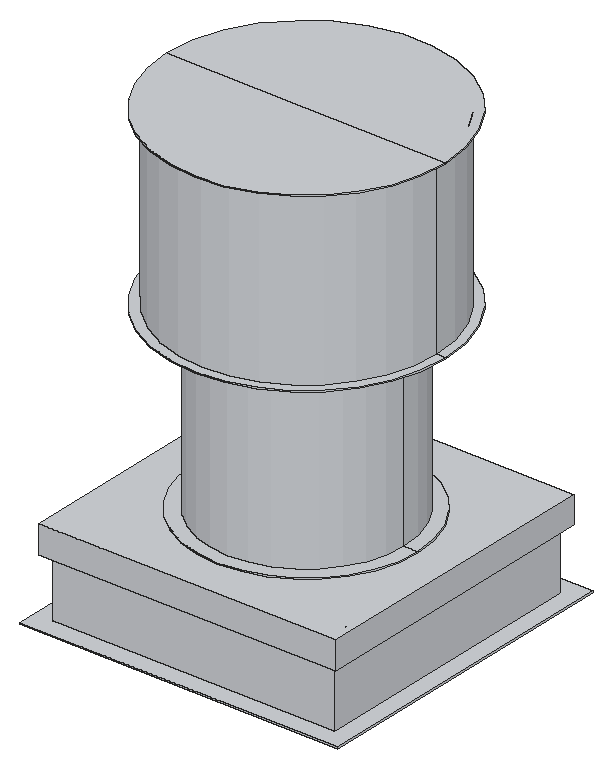
Revit family "VAD_Roof_Exhauster", category Mechanical Equipment, Revit 2019
Family settings
  Round Connector Dimension = Use Diameter
  Part Type = Normal
  Work Plane-Based = No
  Always vertical = Yes
  Cut with Voids When Loaded = No
  Shared = No
  Room Calculation Point = No
Parameters (values of type "21_VAD_ROOF_EXHAUSTER")
  Unit Weight [instance] = ""
  UP_A = 3' - 6"
  T_SQ = 2' - 8"
  RO/2 = RO / 2  # 1' - 1 3/4"
  RO = T_SQ - 0' 4 1/2"  # 2' - 3 1/2"
  P/2 = P / 2  # 0' - 0 9/32"
  P = 0' - 0 9/16"  # constant formula
  N = 0' - 10"
  ModelID [instance] = ""
  M/2 = M / 2  # 1' - 0"
  M = 2' - 0"
  L-.125" = L - 0' 0 1/8"  # 1' - 1 13/16"
  J+J = J + J  # 0' - 1 3/4"
  J = 0' - 0 7/8"
  K/2 = K / 2  # 1' - 2 5/8"
  K = 2' - 5 1/4"
  L-(C/2) = L - (C / 2)  # 0' - 2 9/16"
  L = 1' - 1 15/16"
  H-(A/2) = H - (A / 2)  # 1' - 9"
  H+L = H + L  # 3' - 9 7/16"
  H = 2' - 7 1/2"
  Sones [instance] = ""
  Motor RPM [instance] = ""
  Motor Enclosure [instance] = ""
  LwA [instance] = ""
  G = 12' - 0"
  Fan RPM [instance] = ""
  F/2 = F / 2  # 0' - 0 7/32"
  F = 0' - 0 7/16"
  E/2 = E / 2  # 0' - 10"
  E-2" = E - 0' 2"  # 1' - 6"
  E = 1' - 8"
  CURB_HEIGHT [instance] = 0' - 9 1/2"
  CURB [instance] = yes
  C/2+L = C / 2 + L  # 2' - 1 5/16"
  C/2 = C / 2  # 0' - 11 3/8"
  C = 1' - 10 3/4"
  B/2 = B / 2  # 1' - 0 1/8"
  B = 2' - 0 1/4"
  Accessories [instance] = ""
  A/3 = A / 2.5  # 0' - 8.4"
  A/2 = A / 2  # 0' - 10 1/2"
  A = 1' - 9"
  60 = 60.00°  # constant formula
  30 = 30.00°  # constant formula
  3" = 0' - 3"  # constant formula
  Brake Hp [instance] = ""
  4" = 0' - 4"  # constant formula
  2' = 2' - 0"
  2" = 0' - 2"  # constant formula
  1" = 0' - 1"  # constant formula
  0 = 0' - 0"  # constant formula
  Voltage [instance] = 0 V
  URL = "www.lorencook.com"
  Type Comments = "Fixed Pitch Vane Axial Roof Exhauster Direct Drive Arrangement 4"  # constant formula
  Static Pressure [instance] = 0.00 in-wg
  Power [instance] = Voltage * Motor FLA * sqrt(if(Phase = 3, 3, 1))  # 0 VA
  Phase [instance] = 0
  Number of Poles [instance] = 1
  Motor Hp [instance] = "0"
  Motor FLA [instance] = 0 A
  Model = "VAD"  # constant formula
  Manufacturer = "Loren Cook Company"
  CFM [instance] = 0 CFM
  1.5 = 0' - 1 1/2"  # constant formula
  ONE EIGTH = 0' - 0 1/8"  # constant formula
  -E/2 = -E / 2  # -0' - 10"
  -(E/2)+2" = -(E / 2) + 0' 2"  # -0' - 8"
  -(E-.25")/2 = -(E - 0' 0 1/4") / 2  # -0' - 9 7/8"
  (T_SQ+.25")/2 = (T_SQ + 0' 0 1/4") / 2  # 1' - 4 1/8"
  (H-(A/2))/2 = (H - (A / 2)) / 2  # 0' - 10 1/2"
  (E/2)-2" = (E / 2) - 0' 2"  # 0' - 8"
  (E-.25")/2 = (E - 0' 0 1/4") / 2  # 0' - 9 7/8"
  (B/2)+2" = (B / 2) + 0' 2"  # 1' - 2 1/8"
  (A+.25")/2 = (A + 0' 0 1/4") / 2  # 0' - 10 5/8"
Types (10): name | UP_A | T_SQ | RO/2 | RO | N | M/2 | M | L-.125" | J+J | J | K/2 | K | L-(C/2) | L | H-(A/2) | H+L | H | G | F/2 | F | E/2 | E-2" | E | C/2+L | C/2 | C | B/2 | B | A/3 | A/2 | A | -E/2 | -(E/2)+2" | -(E-.25")/2 | (T_SQ+.25")/2 | (H-(A/2))/2 | (E/2)-2" | (E-.25")/2 | (B/2)+2" | (A+.25")/2
  (no name) | 3' - 6" | 2' - 8" | 1' - 1 3/4" | 2' - 3 1/2" | 0' - 10" | 1' - 0" | 2' - 0" | 1' - 1 13/16" | 0' - 1 3/4" | 0' - 0 7/8" | 1' - 2 5/8" | 2' - 5 1/4" | 0' - 2 9/16" | 1' - 1 15/16" | 1' - 9" | 3' - 9 7/16" | 2' - 7 1/2" | 12' - 0" | 0' - 0 7/32" | 0' - 0 7/16" | 0' - 10" | 1' - 6" | 1' - 8" | 2' - 1 5/16" | 0' - 11 3/8" | 1' - 10 3/4" | 1' - 0 1/8" | 2' - 0 1/4" | 0' - 8.4" | 0' - 10 1/2" | 1' - 9" | -0' - 10" | -0' - 8" | -0' - 9 7/8" | 1' - 4 1/8" | 0' - 10 1/2" | 0' - 8" | 0' - 9 7/8" | 1' - 2 1/8" | 0' - 10 5/8"
  18_VAD_ROOF_EXHAUSTER | 3' - 5" | 2' - 4" | 0' - 11 3/4" | 1' - 11 1/2" | 0' - 8 1/2" | 0' - 10 1/2" | 1' - 9" | 1' - 0 5/16" | 0' - 1 3/4" | 0' - 0 7/8" | 1' - 1 5/8" | 2' - 3 1/4" | 0' - 2 9/16" | 1' - 0 7/16" | 1' - 6 1/4" | 3' - 3 11/16" | 2' - 3 1/4" | 12' - 0" | 0' - 0 7/32" | 0' - 0 7/16" | 0' - 9 1/2" | 1' - 5" | 1' - 7" | 1' - 10 5/16" | 0' - 9 7/8" | 1' - 7 3/4" | 0' - 10 5/8" | 1' - 9 1/4" | 0' - 7.2" | 0' - 9" | 1' - 6" | -0' - 9 1/2" | -0' - 7 1/2" | -0' - 9 3/8" | 1' - 2 1/8" | 0' - 9 1/8" | 0' - 7 1/2" | 0' - 9 3/8" | 1' - 0 5/8" | 0' - 9 1/8"
  21_VAD_ROOF_EXHAUSTER | 3' - 6" | 2' - 8" | 1' - 1 3/4" | 2' - 3 1/2" | 0' - 10" | 1' - 0" | 2' - 0" | 1' - 1 13/16" | 0' - 1 3/4" | 0' - 0 7/8" | 1' - 2 5/8" | 2' - 5 1/4" | 0' - 2 9/16" | 1' - 1 15/16" | 1' - 9" | 3' - 9 7/16" | 2' - 7 1/2" | 12' - 0" | 0' - 0 7/32" | 0' - 0 7/16" | 0' - 10" | 1' - 6" | 1' - 8" | 2' - 1 5/16" | 0' - 11 3/8" | 1' - 10 3/4" | 1' - 0 1/8" | 2' - 0 1/4" | 0' - 8.4" | 0' - 10 1/2" | 1' - 9" | -0' - 10" | -0' - 8" | -0' - 9 7/8" | 1' - 4 1/8" | 0' - 10 1/2" | 0' - 8" | 0' - 9 7/8" | 1' - 2 1/8" | 0' - 10 5/8"
  26_VAD_ROOF_EXHAUSTER | 3' - 9" | 3' - 0" | 1' - 3 3/4" | 2' - 7 1/2" | 1' - 0 13/16" | 1' - 2 25/32" | 2' - 5 9/16" | 1' - 4 9/16" | 0' - 1 7/8" | 0' - 0 15/16" | 1' - 3 1/16" | 2' - 6 1/8" | 0' - 2 11/16" | 1' - 4 11/16" | 1' - 9 1/2" | 4' - 3 3/16" | 2' - 10 1/2" | 12' - 0" | 0' - 0 7/32" | 0' - 0 7/16" | 0' - 11" | 1' - 8" | 1' - 10" | 2' - 6 11/16" | 1' - 2" | 2' - 4" | 1' - 3 5/32" | 2' - 6 5/16" | 0' - 10.4" | 1' - 1" | 2' - 2" | -0' - 11" | -0' - 9" | -0' - 10 7/8" | 1' - 6 1/8" | 0' - 10 3/4" | 0' - 9" | 0' - 10 7/8" | 1' - 5 5/32" | 1' - 1 1/8"
  29_VAD_ROOF_EXHAUSTER | 4' - 0" | 3' - 6" | 1' - 6 3/4" | 3' - 1 1/2" | 1' - 2 5/16" | 1' - 4 5/16" | 2' - 8 5/8" | 1' - 6 1/8" | 0' - 1 7/8" | 0' - 0 15/16" | 1' - 5 1/16" | 2' - 10 1/8" | 0' - 2 3/4" | 1' - 6 1/4" | 2' - 2" | 4' - 10 3/4" | 3' - 4 1/2" | 12' - 0" | 0' - 0 7/32" | 0' - 0 7/16" | 1' - 0 1/2" | 1' - 11" | 2' - 1" | 2' - 9 3/4" | 1' - 3 1/2" | 2' - 7" | 1' - 4 21/32" | 2' - 9 5/16" | 0' - 11.6" | 1' - 2 1/2" | 2' - 5" | -1' - 0 1/2" | -0' - 10 1/2" | -1' - 0 3/8" | 1' - 9 1/8" | 1' - 1" | 0' - 10 1/2" | 1' - 0 3/8" | 1' - 6 21/32" | 1' - 2 5/8"
  36_VAD_ROOF_EXHAUSTER | 5' - 1" | 4' - 0" | 1' - 9 3/4" | 3' - 7 1/2" | 1' - 6 5/16" | 1' - 8 5/16" | 3' - 4 5/8" | 1' - 10 1/8" | 0' - 1 7/8" | 0' - 0 15/16" | 1' - 8 1/16" | 3' - 4 1/8" | 0' - 3 1/4" | 1' - 10 1/4" | 2' - 3 1/2" | 5' - 7 3/4" | 3' - 9 1/2" | 16' - 0" | 0' - 0 9/32" | 0' - 0 9/16" | 1' - 4" | 2' - 6" | 2' - 8" | 3' - 5 1/4" | 1' - 7" | 3' - 2" | 1' - 8 5/32" | 3' - 4 5/16" | 1' - 2.4" | 1' - 6" | 3' - 0" | -1' - 4" | -1' - 2" | -1' - 3 7/8" | 2' - 0 1/8" | 1' - 1 3/4" | 1' - 2" | 1' - 3 7/8" | 1' - 10 5/32" | 1' - 6 1/8"
  42_VAD_ROOF_EXHAUSTER | 5' - 6" | 4' - 6" | 2' - 0 3/4" | 4' - 1 1/2" | 1' - 9 3/8" | 2' - 0 3/8" | 4' - 0 3/4" | 2' - 1 1/16" | 0' - 1 7/8" | 0' - 0 15/16" | 2' - 0 1/16" | 4' - 0 1/8" | 0' - 3" | 2' - 1 3/16" | 2' - 5 1/2" | 6' - 3 11/16" | 4' - 2 1/2" | 16' - 0" | 0' - 0 9/32" | 0' - 0 9/16" | 1' - 6 1/2" | 2' - 11" | 3' - 1" | 3' - 11 3/8" | 1' - 10 3/16" | 3' - 8 3/8" | 1' - 10 21/32" | 3' - 9 5/16" | 1' - 4.8" | 1' - 9" | 3' - 6" | -1' - 6 1/2" | -1' - 4 1/2" | -1' - 6 3/8" | 2' - 3 1/8" | 1' - 2 3/4" | 1' - 4 1/2" | 1' - 6 3/8" | 2' - 0 21/32" | 1' - 9 1/8"
  48_VAD_ROOF_EXHAUSTER | 6' - 11 1/2" | 4' - 10 1/4" | 2' - 2 7/8" | 4' - 5 3/4" | 2' - 0 3/8" | 2' - 2 3/8" | 4' - 4 3/4" | 2' - 4 1/8" | 0' - 1 7/8" | 0' - 0 15/16" | 2' - 3 1/16" | 4' - 6 1/8" | 0' - 3" | 2' - 4 1/4" | 2' - 6" | 6' - 10 1/4" | 4' - 6" | 16' - 0" | 0' - 0 9/32" | 0' - 0 9/16" | 1' - 9" | 3' - 4" | 3' - 6" | 4' - 5 1/2" | 2' - 1 1/4" | 4' - 2 1/2" | 2' - 2 19/32" | 4' - 5 3/16" | 1' - 7.2" | 2' - 0" | 4' - 0" | -1' - 9" | -1' - 7" | -1' - 8 7/8" | 2' - 5 1/4" | 1' - 3" | 1' - 7" | 1' - 8 7/8" | 2' - 4 19/32" | 2' - 0 1/8"
  54_VAD_ROOF_EXHAUSTER | 7' - 3 1/2" | 5' - 4 1/4" | 2' - 5 7/8" | 4' - 11 3/4" | 2' - 3 1/2" | 2' - 5 1/2" | 4' - 11" | 2' - 7 1/8" | 0' - 2" | 0' - 1" | 2' - 6" | 5' - 0" | 0' - 3" | 2' - 7 1/4" | 2' - 8 1/2" | 7' - 6 3/4" | 4' - 11 1/2" | 16' - 0" | 0' - 0 9/32" | 0' - 0 9/16" | 1' - 11" | 3' - 8" | 3' - 10" | 4' - 11 1/2" | 2' - 4 1/4" | 4' - 8 1/2" | 2' - 5 23/32" | 4' - 11 7/16" | 1' - 9.6" | 2' - 3" | 4' - 6" | -1' - 11" | -1' - 9" | -1' - 10 7/8" | 2' - 8 1/4" | 1' - 4 1/4" | 1' - 9" | 1' - 10 7/8" | 2' - 7 23/32" | 2' - 3 1/8"
  60_VAD_ROOF_EXHAUSTER | 7' - 3 1/2" | 5' - 10 1/4" | 2' - 8 7/8" | 5' - 5 3/4" | 2' - 7" | 2' - 9" | 5' - 6" | 2' - 11 1/8" | 0' - 2" | 0' - 1" | 2' - 9 1/2" | 5' - 7" | 0' - 3 5/8" | 2' - 11 1/4" | 2' - 11" | 8' - 4 1/4" | 5' - 5" | 16' - 0" | 0' - 0 9/32" | 0' - 0 9/16" | 1' - 11" | 3' - 8" | 3' - 10" | 5' - 6 7/8" | 2' - 7 5/8" | 5' - 3 1/4" | 2' - 8 23/32" | 5' - 5 7/16" | 2' - 0" | 2' - 6" | 5' - 0" | -1' - 11" | -1' - 9" | -1' - 10 7/8" | 2' - 11 1/4" | 1' - 5 1/2" | 1' - 9" | 1' - 10 7/8" | 2' - 10 23/32" | 2' - 6 1/8"
Reference planes (in)
  plane 1 "Center (Front/Back)": y = 0
  plane 2: z = 0
  plane 3 "Center (Left/Right)": x = 0.40541
Forms (in)
  Revolve 1, solid
    sketch origin (0, 0, 0) x (1, 0, 0) y (0, 0, 1)
      loop
        line (0.40541, 23) -> (0.40541, 3) -> (12.53041, 3) -> (12.53041, 3.125) -> (11.03041, 3.125) -> (11.03041, 22.875) -> (12.53041, 22.875) -> (12.53041, 23) -> (0.40541, 23)
      axis (0.40541, 3) -> (0.40541, 23)
    angle from 0 to 360
  Extrusion 2, solid
    sketch origin (0, 0, 0) x (1, 0, 0) y (0, 1, 0)
      loop
        line (-15.71959, 16.125) -> (-15.71959, -16.125) -> (16.53041, -16.125) -> (16.53041, 16.125) -> (-15.71959, 16.125)
    from 0 to 3
  Extrusion 3, void
    sketch origin (0, 0, 0) x (1, 0, 0) y (0, 1, 0)
      loop
        line (-15.59459, 16) -> (-15.59459, -16) -> (16.40541, -16) -> (16.40541, 16) -> (-15.59459, 16)
    from 0 to 2.875
  Revolve 4, solid
    sketch origin (0, 0, 0) x (1, 0, 0) y (0, 0, 1)
      loop
        line (0.40541, 22.875) -> (15.53041, 22.875) -> (15.53041, 23) -> (14.53041, 23) -> (14.53041, 41.875) -> (15.53041, 41.875) -> (15.53041, 42) -> (0.40541, 42) -> (0.40541, 22.875)
      axis (0.40541, 42) -> (0.40541, 22.875)
    angle from 0 to 360
  Extrusion 5, solid, visible <- "CURB"
    sketch origin (0, 0, 2.875) x (0, 1, 0) y (1, 0, 0)
      loop
        line (13.75, -13.34459) -> (13.75, 14.15541) -> (-13.75, 14.15541) -> (-13.75, -13.34459) -> (13.75, -13.34459)
      loop
        line (-15.25, 15.65541) -> (-15.25, -14.84459) -> (15.25, -14.84459) -> (15.25, 15.65541) -> (-15.25, 15.65541)
    from 0 to 9.5 <- "CURB_HEIGHT"
  Extrusion 6, solid, visible <- "CURB"
    sketch origin (0, 0, -6.625) x (-1, 0, 0) y (0, 1, 0)
      loop
        line (14.84459, -15.25) -> (14.84459, 15.25) -> (-15.65541, 15.25) -> (-15.65541, -15.25) -> (14.84459, -15.25)
      loop
        line (-17.65541, 17.25) -> (-17.65541, -17.25) -> (16.84459, -17.25) -> (16.84459, 17.25) -> (-17.65541, 17.25)
    from 0 to -0.125
Cuts and joins
  Extrusion 3 cuts Extrusion 2
Dimensions and locks (in)
  "0": Revolve 1 sketch curve to plane 3 "Center (Left/Right)"  (x2)
  "ONE EIGTH": Revolve 1 sketch curve to Revolve 1 sketch curve  (x2)
  "B/2": Revolve 1 sketch curve to Revolve 1 sketch curve  (x2)
  "(A+.25")/2": Revolve 1 sketch curve to Revolve 1 sketch curve
  "E": Revolve 1 sketch curve to Revolve 1 sketch curve
  "3"": Revolve 1 sketch curve to level
  "(T_SQ+.25")/2": Extrusion 2 sketch curve to plane 3 "Center (Left/Right)"
  "(T_SQ+.25")/2": plane 3 "Center (Left/Right)" to Extrusion 2 sketch curve
  "(T_SQ+.25")/2": plane 1 "Center (Front/Back)" to Extrusion 2 sketch curve
  "(T_SQ+.25")/2": Extrusion 2 sketch curve to plane 1 "Center (Front/Back)"
  "ONE EIGTH": Extrusion 3 sketch curve to Extrusion 2  (x2)
  "ONE EIGTH": Extrusion 2 to Extrusion 3 sketch curve  (x2)
  "UP_A": Revolve 4 sketch curve to level
  "0": Revolve 4 sketch curve to Revolve 1
  "ONE EIGTH": Revolve 4 sketch curve to Revolve 4 sketch curve  (x2)
  "0": Revolve 4 sketch curve to plane 3 "Center (Left/Right)"  (x2)
  "1"": Revolve 4 sketch curve to Revolve 4 sketch curve  (x2)
  "(B/2)+2"": Revolve 4 sketch curve to plane 3 "Center (Left/Right)"
  "1.5": Extrusion 5 sketch curve to Extrusion 5 sketch curve  (x4)
  "RO/2": Extrusion 5 sketch curve to plane 3 "Center (Left/Right)"
  "RO/2": plane 3 "Center (Left/Right)" to Extrusion 5 sketch curve
  "RO/2": plane 1 "Center (Front/Back)" to Extrusion 5 sketch curve
  "RO/2": Extrusion 5 sketch curve to plane 1 "Center (Front/Back)"
  "2"": Extrusion 6 sketch curve to Extrusion 6 sketch curve  (x4)
  "0": Extrusion 6 sketch curve to Extrusion 5  (x3)
  "0": Extrusion 5 to Extrusion 6 sketch curve
Automatic sketch dimensions
  Revolve 1 sketch curve to Revolve 1 sketch curve = 0' - 0"
  Revolve 1 sketch curve to Revolve 1 sketch curve = 1' - 6"
  Revolve 4 sketch curve to Revolve 4 sketch curve = 2' - 0"  (x2)
Connectors (in)
  electrical at (0.40541, 0, 0)
    settings: on cut or joined group of Extrusion 2, Extrusion 3, index 5, voltage 0 V, apparent load 0 VA, apparent load phase1 0 VA, apparent load phase2 0 VA, apparent load phase3 0 VA, power factor 1, load classification "Other", number of poles 1, system type 30, power factor state 1, is connector primary yes, connector utility no, sub classification motor no, connector description ""
  hvac at (0.40541, 0, 2.875), driven by "CFM", driven by "RO", driven by "RO"
    settings: on cut or joined group of Extrusion 2, Extrusion 3, index 6, duct flow 0 CFM, flow factor 0, pres drop 0.00 in-wg, loss coef 0, conn angle 0.00°, conn width 27 1/2", conn height 27 1/2", conn diameter 24", duct sys type 3, conn prof type 1, flow config 0, flow direction 1, loss method 0, conn ref index -1, conn util no, is conn primary yes, conn desc ""
